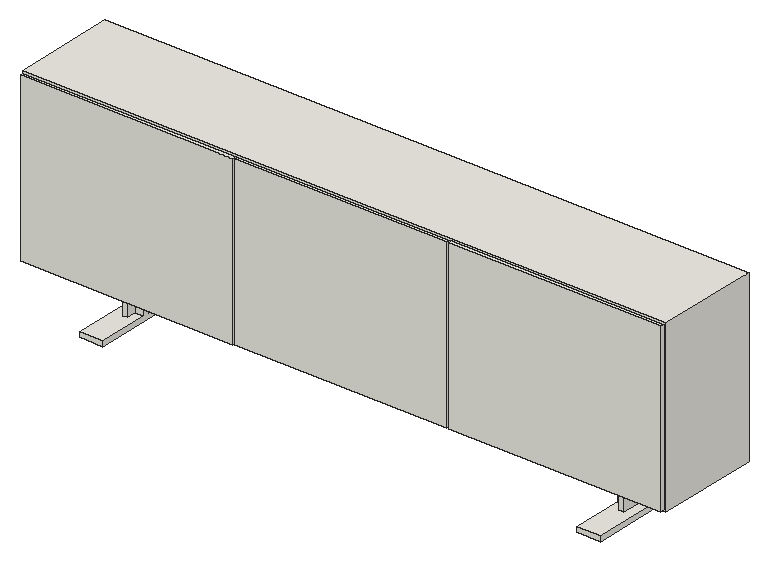
Revit family "Haworth_Luxor_Cabinet_28", category Furniture, Revit 2018
Family settings
  OmniClass Number = 23.40.20.00
  OmniClass Title = General Furniture and Specialties
  Work Plane-Based = No
  Always vertical = Yes
  Cut with Voids When Loaded = No
  Shared = No
  Room Calculation Point = No
Parameters (values of type "HCCE-LX - Door/Shelf & Drawer/Door - 106w 35h")
  Warranty = "http://www.haworth.com/resources/product-info/warranties"
  Version = "2"  # constant formula
  URL - Product = "https://www.haworth.com/na/en/products/bookcases-credenzas/luxor-1.html"
  URL = "http://www.haworth.com/our-brands/haworth-collection"
  Two Door = no
  Three Door = yes
  Size = "Verify Final Dim. w/ Haworth"  # constant formula
  Open = no
  Number of Doors = if(Three Door, 3, 2)  # 3
  Model = "HCCE-LX"  # constant formula
  Manufacturer = "Haworth"  # constant formula
  Height 52in = not(Height 35.5in)  # no
  Height 35.5in = yes
  Doors = or(Two Door, Three Door)  # yes
  Description = "Haworth Luxor Cabinet 28"  # constant formula
  Cabinet Finish [instance] = Haworth _ Paint _ Collection White
  Author = "SHAPE Environments, LLC"  # constant formula
  Assembly Code = "E2020200"
  Actual Width = if(or(and(Open, not(or(Two Door, Three Door))), and(Two Door, not(Open))), 5' 10 3/4", 8' 10 1/4")  # 8' - 10 1/4"
  Actual Height = if(or(Height 52in, and(Open, not(or(Two Door, Three Door)))), 4' 4", 2' 11 1/2")  # 2' - 11 1/2"
  3 Compartments = or(Three Door, and(Two Door, Open))  # yes
  2 Compartments = or(and(Open, not(or(Two Door, Three Door))), and(Two Door, not(Open)))  # no
Types (8): name | Two Door | Three Door | Open | Number of Doors | Height 52in | Height 35.5in | Doors | Actual Width | Actual Height | 3 Compartments | 2 Compartments
  (no name) | no | yes | no | 3 | no | yes | yes | 8' - 10 1/4" | 2' - 11 1/2" | yes | no
  HCCE-LX - Shelf & Two Drawers/Door - 71w 35h | yes | no | no | 2 | no | yes | yes | 5' - 10 3/4" | 2' - 11 1/2" | no | yes
  HCCE-LX - Door/Shelf & Two Drawers/Door - 106w 35h | yes | no | yes | 2 | no | yes | yes | 8' - 10 1/4" | 2' - 11 1/2" | yes | no
  HCCE-LX - Door/Shelf & Drawer/Door - 106w 35h | no | yes | no | 3 | no | yes | yes | 8' - 10 1/4" | 2' - 11 1/2" | yes | no
  HCCE-LX - Open - 71w 52h | no | no | yes | 2 | yes | no | no | 5' - 10 3/4" | 4' - 4" | no | yes
  HCCE-LX - Open & Two Drawers/Door - 71w 52h | yes | no | no | 2 | yes | no | yes | 5' - 10 3/4" | 4' - 4" | no | yes
  HCCE-LX - Door/Open/Door - 106w 52h | yes | no | yes | 2 | yes | no | yes | 8' - 10 1/4" | 4' - 4" | yes | no
  HCCE-LX - Door/Open & Drawer/Door - 106w 52h | no | yes | no | 3 | yes | no | yes | 8' - 10 1/4" | 4' - 4" | yes | no
Reference planes (in)
  plane 1 "Center Front/Back": y = 0
  plane 2: z = 0
  plane 3 "Center Left/Right": x = 0
  plane 4: y = 17.75
  plane 5: x = -53.125
  plane 6: x = 53.125
  plane 7: z = 7.5
  plane 8: z = 35.5
  plane 9: x = -41.37205
  plane 10: x = 41.37205
  plane 11: z = 35.25
  plane 12: x = -52.875
  plane 13 "Center": y = 8.875
Dimensions and locks (in)
  equal spacing: plane 5, plane 3 "Center Left/Right", plane 6
  "Actual Width": plane 5 to plane 6
  locked: plane 4 to plane 1 "Center Front/Back" at 17.75
  locked: plane 8 to plane 7 at 28
  "Actual Height": plane 8 to plane 2
  locked: plane 5 to plane 9 at 11.75295
  locked: plane 10 to plane 6 at 11.75295
  locked: plane 8 to plane 11 at 0.25
  locked: plane 6 to nested 3 at 0.25
  equal spacing: group 2, group 3, group 1  (x2)
  equal spacing: group 1, group 3, group 2
  locked: plane 5 to plane 12 at 0.25
  equal spacing: plane 1 "Center Front/Back", plane 13 "Center", plane 4
  aligned and locked: level to plane 2
  aligned and locked: plane 7 to nested 1
  aligned and locked: nested 2 to plane 8
  aligned and locked: nested 2 to plane 5
  aligned and locked: plane 6 to nested 2
  aligned and locked: nested 2 to plane 7
  aligned and locked: plane 9 to nested 1
  aligned and locked: plane 10 to nested 1
  aligned and locked: plane 11 to nested 3
  aligned and locked: nested 4 to plane 12
  aligned and locked: plane 11 to nested 4
  aligned and locked: nested 1 to plane 13 "Center"
  aligned and locked: nested 5 to plane 1 "Center Front/Back"
  aligned and locked: plane 4 to nested 2
Nested families (in)
  nested 1: "Luxor Base" at (0, 8.875, 0), Base Finish <- "Cabinet Finish", type "Luxor Base"
    with Legth 6' - 10.7441", Height 0' - 7 1/2", Base Finish Haworth _ Paint _ Collection White
  nested 2: "Luxor Cabinet" at (0, 8.96123, 7.5), Cabinet Finish <- "Cabinet Finish", Two Door <- "2 Compartments", Three Door <- "3 Compartments", type "Two Door"
    with Two Shelf yes, Two Door no, Three Door yes, Overall Height 2' - 4", Legth 8' - 10 1/4", Depth 1' - 5 3/4", Cabinet Height 2' - 4", Cabinet Finish Haworth _ Paint _ Collection White
  nested 3: "Luxor Drawer" at (35.35624, 0.62758, 7.75), Drawer Finish <- "Cabinet Finish", visible <- "Doors", type "Luxor Drawer"
    with Width 2' - 11.03752", Height 2' - 3 1/2", Drawer Finish Haworth _ Paint _ Collection White, Depth 0' - 0.5906"
  nested 4: "Luxor Drawer" at (-35.35624, 0.55362, 7.75), Drawer Finish <- "Cabinet Finish", visible <- "Doors", type "Luxor Drawer"
    with Width 2' - 11.03752", Height 2' - 3 1/2", Drawer Finish Haworth _ Paint _ Collection White, Depth 0' - 0.5906"
  nested 5: "Luxor Drawer" at (0, 0.5906, 7.75), Drawer Finish <- "Cabinet Finish", visible <- "Doors", type "Luxor Drawer"
    with Width 2' - 11.03752", Height 2' - 3 1/2", Drawer Finish Haworth _ Paint _ Collection White, Depth 0' - 0.5906"
Definition of nested family "Luxor Base"
  Parameters
    Warranty = "http://haworthcollection.com/hc/about-us/certifications-warranties"
    Version = "1"  # constant formula
    URL Product = "http://www.haworthcollection.com/hc/products/desks-storage/luxor"
    URL = "http://haworthcollection.com/"
    Sustainability Info = "http://www.haworth.com/bottom-nav/company-info/sustainability"
    Size = "Verify Final Dim. w/ Haworth"  # constant formula
    Model = "Luxor"  # constant formula
    Manufacturer = "Haworth"  # constant formula
    Legth [instance] = 6' - 10.58661"
    Height [instance] = 1' - 0.4275"
    Base Finish [instance] = none
    Author = "SHAPE Environments, LLC"  # constant formula
    Assembly Code = "E2020200"
  Reference planes (in)
    plane 1 "Center Front/Back": y = 0
    plane 2: z = 0
    plane 3 "Center Left/Right": x = 0
    plane 4: x = -41.29331
    plane 5: x = 41.29331
    plane 6 "Height": z = 12.4275
    plane 7: x = 39.02953
    plane 8: z = 10.4275
    plane 9: z = 0.78291
  Forms (in)
    Extrusion 1, solid, material <- "Base Finish"
      sketch origin (0, 0, 0) x (1, 0, 0) y (0, 1, 0)
        loop
          line (-42.92717, 8.66047) -> (-42.92717, -9.00016) -> (-39.02953, -9.00016) -> (-39.02953, 8.66047) -> (-42.92717, 8.66047)
      from 0 to 0.78291
    Extrusion 2, solid, material <- "Base Finish"
      sketch origin (0, 0, 0) x (-1, 0, 0) y (0, -1, 0)
        loop
          line (-42.92717, -8.66047) -> (-39.02953, -8.66047) -> (-39.02953, 9.00016) -> (-42.92717, 9.00016) -> (-42.92717, -8.66047)
      from 0 to 0.78291
    Extrusion 3, solid, material <- "Base Finish"
      sketch origin (0, 0, 0) x (1, 0, 0) y (0, 1, 0)
        loop
          line (-41.29331, 1.72012) -> (-41.29331, -2.13835) -> (-40.54331, -2.13835) -> (-40.54331, -0.54386) -> (-39.02953, -0.54386) -> (-39.02953, 0.21608) -> (-40.54331, 0.21608) -> (-40.54331, 1.72012) -> (-41.29331, 1.72012)
      from 0.74009 to 12.4275
    Extrusion 4, solid, material <- "Base Finish"
      sketch origin (0, 0, 0) x (-1, 0, 0) y (0, -1, 0)
        loop
          line (-41.29331, -1.72012) -> (-40.54331, -1.72012) -> (-40.54331, -0.21608) -> (-39.02953, -0.21608) -> (-39.02953, 0.54386) -> (-40.54331, 0.54386) -> (-40.54331, 2.13835) -> (-41.29331, 2.13835) -> (-41.29331, -1.72012)
      from 0.78291 to 12.4275
    Extrusion 5, solid, material <- "Base Finish"
      sketch origin (0, 0, 0) x (1, 0, 0) y (0, 1, 0)
        loop
          line (39.02953, 0.21608) -> (-39.02953, 0.21608) -> (-39.02953, -0.54386) -> (39.02953, -0.54386) -> (39.02953, 0.21608)
      from 10.4275 to 12.4275
  Cuts and joins
    joined: Extrusion 1, Extrusion 2, Extrusion 3, Extrusion 4, Extrusion 5
  Dimensions and locks (in)
    equal spacing: plane 5, plane 3 "Center Left/Right", plane 4
    "Legth": plane 5 to plane 4
    locked: Extrusion 1 to plane 4 at 1.63386
    locked: plane 5 to Extrusion 2 at 1.63386
    locked: Extrusion 2 to Extrusion 2 at 3.89764
    locked: Extrusion 1 to Extrusion 1 at 3.89764
    locked: plane 6 "Height" to plane 8 at 2
    "Height": plane 6 "Height" to plane 2
    aligned and locked: level to plane 2
    aligned and locked: Extrusion 3 sketch curve to plane 4
    aligned and locked: Extrusion 3 sketch curve to Extrusion 1
    aligned and locked: Extrusion 4 to plane 5
    aligned and locked: plane 6 "Height" to Extrusion 3
    aligned and locked: plane 6 "Height" to Extrusion 4
    aligned and locked: Extrusion 5 sketch curve to Extrusion 4
    aligned and locked: Extrusion 5 sketch curve to Extrusion 3
    aligned and locked: Extrusion 5 to Extrusion 3
    aligned and locked: plane 6 "Height" to cut or joined group of Extrusion 1, Extrusion 2, Extrusion 3, Extrusion 4, Extrusion 5
    aligned and locked: cut or joined group of Extrusion 1, Extrusion 2, Extrusion 3, Extrusion 4, Extrusion 5 to plane 6 "Height"  (x3)
    aligned and locked: plane 8 to cut or joined group of Extrusion 1, Extrusion 2, Extrusion 3, Extrusion 4, Extrusion 5
    aligned and locked: cut or joined group of Extrusion 1, Extrusion 2, Extrusion 3, Extrusion 4, Extrusion 5 to level  (x2)
    aligned and locked: plane 9 to cut or joined group of Extrusion 1, Extrusion 2, Extrusion 3, Extrusion 4, Extrusion 5  (x2)
  Automatic sketch dimensions
    Extrusion 1 sketch curve to plane 4 = 0' - 1.63386"
    plane 1 "Center Front/Back" to Extrusion 1 sketch curve = 0' - 9.00016"
    plane 4 to Extrusion 1 sketch curve = 0' - 2.26378"
    Extrusion 1 sketch curve to plane 1 "Center Front/Back" = 0' - 8.66047"
    plane 5 to Extrusion 2 sketch curve = 0' - 1.63386"
    Extrusion 2 sketch curve to plane 1 "Center Front/Back" = 0' - 9.00016"
    Extrusion 2 sketch curve to plane 5 = 0' - 2.26378"
    plane 1 "Center Front/Back" to Extrusion 2 sketch curve = 0' - 8.66047"
    plane 4 to Extrusion 3 sketch curve = 0' - 0 3/4"  (x2)
    plane 1 "Center Front/Back" to Extrusion 3 sketch curve = 0' - 2.13835"
    plane 1 "Center Front/Back" to Extrusion 3 sketch curve = 0' - 0.54386"
    Extrusion 3 sketch curve to plane 1 "Center Front/Back" = 0' - 0.21608"
    Extrusion 3 sketch curve to Extrusion 3 sketch curve = 0' - 1.50404"
    Extrusion 4 sketch curve to plane 5 = 0' - 0"
    Extrusion 4 sketch curve to plane 1 "Center Front/Back" = 0' - 2.13835"
    Extrusion 4 sketch curve to plane 5 = 0' - 0 3/4"  (x2)
    plane 1 "Center Front/Back" to Extrusion 4 sketch curve = 0' - 0.21608"
    Extrusion 4 sketch curve to Extrusion 4 sketch curve = 0' - 1.51378"
    Extrusion 4 sketch curve to plane 1 "Center Front/Back" = 0' - 0.54386"
    Extrusion 4 sketch curve to Extrusion 4 sketch curve = 0' - 1.50404"
    plane 1 "Center Front/Back" to Extrusion 5 sketch curve = 0' - 0.54386"
    Extrusion 5 sketch curve to plane 1 "Center Front/Back" = 0' - 0.21608"
Definition of nested family "Luxor Cabinet"
  Parameters
    Warranty = "http://haworthcollection.com/hc/about-us/certifications-warranties"
    Version = "1"  # constant formula
    URL Product = "http://www.haworthcollection.com/hc/products/desks-storage/luxor"
    URL = "http://haworthcollection.com/"
    Two Shelf [instance] = yes
    Two Door [instance] = yes
    Three Door [instance] = no
    Sustainability Info = "http://www.haworth.com/bottom-nav/company-info/sustainability"
    Size = "Verify Final Dim. w/ Haworth"  # constant formula
    Overall Height [instance] = 2' - 4"
    Model = "Luxor"  # constant formula
    Manufacturer = "Haworth"  # constant formula
    Legth [instance] = 5' - 10 3/4"
    Depth [instance] = 1' - 5 3/4"
    Cabinet Height [instance] = 2' - 4"
    Cabinet Finish [instance] = none
    Author = "SHAPE Environments, LLC"  # constant formula
    Assembly Code = "E2020200"
  Reference planes (in)
    plane 1: z = 0
    plane 2 "Center Left/Right": x = 0
    plane 3: z = 28
    plane 4: x = -35.375
    plane 5: x = 35.375
    plane 6: y = 8.78877
    plane 7: y = -8.20185
    plane 8: z = 0
    plane 9: z = 14
    plane 10: x = -11.79167
    plane 11: x = 11.79167
  Forms (in)
    Extrusion 1, solid, material <- "Cabinet Finish"
      sketch origin (0, 0, 0) x (1, 0, 0) y (0, 0, 1)
        loop
          line (-35.375, 28) -> (-35.375, 0) -> (35.375, 0) -> (35.375, 28) -> (-35.375, 28)
        loop
          line (-34.625, 0.75) -> (34.625, 0.75) -> (34.625, 27.25) -> (-34.625, 27.25) -> (-34.625, 0.75)
      from -8.78877 to 8.21155
    Extrusion 2, solid, material <- "Cabinet Finish", visible <- "Two Door"
      sketch origin (0, 0, 0) x (1, 0, 0) y (0, 0, 1)
        loop
          line (-0.375, 27.25) -> (-0.375, 0.75) -> (0.375, 0.75) -> (0.375, 27.25) -> (-0.375, 27.25)
      from -7.69454 to 8.21029
    Extrusion 3, solid, material <- "Cabinet Finish"
      sketch origin (0, 0, 0) x (1, 0, 0) y (0, 1, 0)
        loop
          line (-34.625, 8.78877) -> (-34.625, 8.03877) -> (34.625, 8.03877) -> (34.625, 8.78877) -> (-34.625, 8.78877)
      from 0.75 to 27.25
    Extrusion 4, solid, material <- "Cabinet Finish", visible <- "Three Door"
      sketch origin (-26.75, 0, 0) x (1, 0, 0) y (0, 0, 1)
        loop
          line (14.58333, 27.25) -> (14.58333, 0.75) -> (15.33333, 0.75) -> (15.33333, 27.25) -> (14.58333, 27.25)
      from -7.69454 to 8.21029
    Extrusion 5, solid, material <- "Cabinet Finish", visible <- "Three Door"
      sketch origin (26.75, 0, 0) x (-1, 0, 0) y (0, 0, -1)
        loop
          line (14.58333, -27.25) -> (15.33333, -27.25) -> (15.33333, -0.75) -> (14.58333, -0.75) -> (14.58333, -27.25)
      from -7.69454 to 8.21029
    Extrusion 6, solid, material <- "Cabinet Finish"
      sketch origin (0, 0, 0.5625) x (1, 0, 0) y (0, 0, 1)
        loop
          line (-34.625, 13.8125) -> (-34.625, 13.0625) -> (34.625, 13.0625) -> (34.625, 13.8125) -> (-34.625, 13.8125)
      from -8.03877 to 8.21155
  Cuts and joins
    joined: Extrusion 1, Extrusion 3
  Lines and regions (in)
    Masking region 1
      outline origin (0, 0, 0) x (1, 0, 0) y (0, 1, 0)
        loop
          line (-35.375, 8.78877) -> (-35.375, -8.20194) -> (35.375, -8.2023) -> (35.375, 8.78877) -> (-35.375, 8.78877)
  Dimensions and locks (in)
    "Overall Height": plane 3 to level
    "Cabinet Height": plane 3 to plane 8
    equal spacing: plane 4, plane 2 "Center Left/Right", plane 5
    "Legth": plane 4 to plane 5
    plane 6 to plane 7 = 1' - 4.99057"
    equal spacing: plane 3, plane 9, cut or joined group of Extrusion 1, Extrusion 3
    equal spacing: Extrusion 6, plane 9, Extrusion 6, locked at 0.375 each
    locked: cut or joined group of Extrusion 1, Extrusion 3 to cut or joined group of Extrusion 1, Extrusion 3 at 0.75
    equal spacing: Extrusion 2, plane 2 "Center Left/Right", Extrusion 2, locked at 0.375 each
    equal spacing: Extrusion 4, plane 10, Extrusion 4
    equal spacing: Extrusion 5, plane 11, Extrusion 5, locked at 0.375 each
    equal spacing: plane 4, plane 10, plane 11, plane 5
    aligned and locked: level to plane 1
    aligned and locked: Extrusion 1 sketch curve to plane 3
    aligned and locked: Extrusion 1 sketch curve to plane 4
    aligned and locked: plane 8 to Extrusion 1 sketch curve
    aligned and locked: Extrusion 1 sketch curve to plane 5
    aligned and locked: plane 6 to Extrusion 1
    aligned and locked: Extrusion 3 to Extrusion 1
    aligned and locked: Extrusion 6 to cut or joined group of Extrusion 1, Extrusion 3
    aligned and locked: cut or joined group of Extrusion 1, Extrusion 3 to Extrusion 6
    aligned and locked: Extrusion 1 sketch curve to Extrusion 4
    aligned and locked: Masking region 1 sketch curve to plane 6
    aligned and locked: Masking region 1 sketch curve to plane 4
    aligned and locked: Masking region 1 sketch curve to plane 5
    aligned and locked: plane 7 to Masking region 1 sketch curve
  Automatic sketch dimensions
    Extrusion 1 sketch curve to plane 4 = 0' - 0 3/4"
    level to Extrusion 1 sketch curve = 0' - 0 3/4"
    Extrusion 1 sketch curve to plane 5 = 0' - 0 3/4"
    Extrusion 2 sketch curve to plane 2 "Center Left/Right" = 0' - 0 3/8"
    level to Extrusion 2 sketch curve = 0' - 0 3/4"
    plane 2 "Center Left/Right" to Extrusion 2 sketch curve = 0' - 0 3/8"
    Extrusion 2 sketch curve to plane 3 = 0' - 0 3/4"
    Extrusion 3 sketch curve to plane 6 = 0' - 0"
    Extrusion 3 sketch curve to plane 4 = 0' - 0 3/4"
    Extrusion 3 sketch curve to plane 6 = 0' - 0 3/4"
    Extrusion 3 sketch curve to plane 5 = 0' - 0 3/4"
    Extrusion 4 sketch curve to plane 10 = 0' - 0 3/8"
    level to Extrusion 4 sketch curve = 0' - 0 3/4"
    plane 10 to Extrusion 4 sketch curve = 0' - 0 3/8"
    Extrusion 4 sketch curve to plane 3 = 0' - 0 3/4"
    Extrusion 5 sketch curve to plane 11 = 0' - 0 3/8"
    Extrusion 5 sketch curve to plane 3 = 0' - 0 3/4"
    plane 11 to Extrusion 5 sketch curve = 0' - 0 3/8"
    level to Extrusion 5 sketch curve = 0' - 0 3/4"
    Extrusion 6 sketch curve to plane 4 = 0' - 0 3/4"
    Extrusion 6 sketch curve to plane 9 = 0' - 0 3/8"
    Extrusion 6 sketch curve to plane 5 = 0' - 0 3/4"
    plane 9 to Extrusion 6 sketch curve = 0' - 0 3/8"
Definition of nested family "Luxor Drawer"
  Parameters
    Width [instance] = 2' - 11.3606"
    Drawer Finish [instance] = none
    Depth [instance] = 0' - 0.5906"
    Height [instance] = 0' - 4.1999"
  Reference planes (in)
    plane 1 "Center Front/Back": y = 0
    plane 2 "start": z = 0
    plane 3 "Center Left/Right": x = 0
    plane 4: x = -17.6803
    plane 5: x = 17.6803
    plane 6: y = -0.5906
    plane 7 "Top": z = 4.1999
  Forms (in)
    Extrusion 1, solid, material <- "Drawer Finish"
      sketch origin (0, 0, 0) x (1, 0, 0) y (0, 1, 0)
        loop
          line (-17.6803, 0) -> (-17.6803, -0.5906) -> (17.6803, -0.5906) -> (17.6803, 0) -> (-17.6803, 0)
      from 0 to 4.1999
  Lines and regions (in)
    Masking region 1
      outline origin (0, 0, 4.1999) x (-1, 0, 0) y (0, -1, 0)
        loop
          line (17.6803, 0) -> (17.6803, 0.5906) -> (-17.6803, 0.5906) -> (-17.6803, 0) -> (17.6803, 0)
  Dimensions and locks (in)
    equal spacing: plane 4, plane 3 "Center Left/Right", plane 5, locked at 17.6803 each
    plane 1 "Center Front/Back" to plane 6 = 0' - 0.5906"
    "Width": plane 4 to plane 5
    "Height": plane 7 "Top" to level
    "Depth": plane 1 "Center Front/Back" to plane 6
    aligned and locked: level to plane 2 "start"
    aligned and locked: plane 7 "Top" to Extrusion 1
    aligned and locked: Extrusion 1 to plane 6  (x2)
    aligned and locked: Extrusion 1 to plane 4
    aligned and locked: plane 5 to Extrusion 1
    aligned and locked: Extrusion 1 to plane 1 "Center Front/Back"
    aligned and locked: plane 5 to Masking region 1 sketch curve
    aligned and locked: plane 6 to Masking region 1 sketch curve
    aligned and locked: plane 1 "Center Front/Back" to Masking region 1 sketch curve
    aligned and locked: plane 4 to Masking region 1 sketch curve
  Automatic sketch dimensions
    Extrusion 1 sketch curve to plane 4 = 0' - 0"
    Extrusion 1 sketch curve to plane 5 = 0' - 0"
    Extrusion 1 sketch curve to plane 6 = 0' - 0"
    plane 1 "Center Front/Back" to Extrusion 1 sketch curve = 0' - 0"
